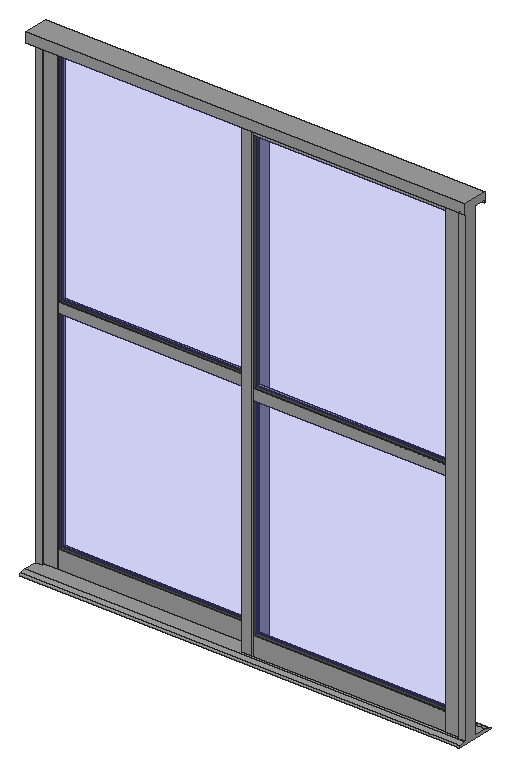
Revit family "MS-360-SID-Door-2 Panels-CP", category Doors, Revit 2015
Parameters
  Wing Width [instance] = 3' - 0"
  Width [instance] = Center Wing Width * 2 + Wing Width * 2  # 12' - 0"
  URL = "obe.com"
  Offset [instance] = 0' - 0"
  Model = "MS-360-SID-Door-2 Panels-CP"
  Min Wing Width [instance] = if(Wing Width > 3' 0", Wing Width, 3' 0")  # 3' - 0"
  Max Height [instance] = if(Height < 12' 0", Height, 12' 0")  # 7' - 0"
  Manufacturer = "Oldcastle BuildingEnvelope®"
  Keynote = "08 11 00"
  Height [instance] = 7' - 0"
  Description = "MS-360 - Multi-track Mall Slider - Single Direction"
  Center Wing Width [instance] = if(Wing Width > 3' 0", Wing Width, Min Wing Width)  # 3' - 0"
  Assembly Code = "B2030"
Reference planes (in)
  plane 1 "Front": y = 0
  plane 2: z = 0
  plane 3 "Center (Left/Right)": x = 0
  plane 4 "Left": x = -36
  plane 5 "Right": x = 36
  plane 6 "Top": z = 96
Text (in)
  text "Exterior" at (-54.29358, 31.38743, 0), in view "Ref. Level"
  text "Exterior" at (480, 41.53993, 89.60405), in view "Right"
  text "Exterior" at (-240, 57.82419, 105.78864), in view "Left"
Dimensions and locks (in)
  equal spacing: plane 4 "Left", plane 3 "Center (Left/Right)", plane 5 "Right"
  aligned and locked: level to plane 2
  aligned and locked: plane 3 "Center (Left/Right)" to nested 1
  aligned and locked: plane 1 "Front" to nested 1
  aligned and locked: nested 1 to level
Nested families (in)
  nested 1: "MS-360-SID-Door-2 Panels" at (0, 0, 0), Height <- "Height", Wing Width <- "Min Wing Width", Offset <- "Offset", type "MS-360-SID-Door-2 Panels"
    with Wing Width 3' - 0", built-in parameter 1001301 6' - 0", Offset 0' - 0", Min Wing Width 3' - 0", Max Height 7' - 0", built-in parameter 1001300 7' - 0"
Definition of nested family "MS-360-SID-Door-2 Panels"
  Parameters (values of type "MS-360-SID-Door-2 Panels")
    Wing Width [instance] = 3' - 0"
    Width [instance] = 2 * Min Wing Width  # 6' - 0"
    Pushbar Height = 3' - 5 1/4"  # constant formula
    Offset [instance] = 0' - 0"
    Min Wing Width [instance] = if(Wing Width > 3' 0", Wing Width, 3' 0")  # 3' - 0"
    Max Height [instance] = if(Height < 12' 0", Height, 12' 0")  # 7' - 0"
    Height [instance] = 7' - 0"
    Glass Material = none
    Gasket Material = none
    Frame Material = none
  Reference planes (in)
    plane 1 "Center (Front/Back)": y = 0
    plane 2: z = 0
    plane 3 "Center (Left/Right)": x = 0
    plane 4 "Offset": y = 0
    plane 5: x = -36
    plane 6: x = 36
    plane 7: z = 41.25
    plane 8: z = 84
    plane 9: z = 3.406
    plane 10: z = 40.781
    plane 11: z = 41.843
    plane 12: z = 81.969
  Forms (in)
    Sweep 1, solid, material <- "Frame Material"
      path origin (0, 0, 0) x (-1, 0, 0) y (0, 0, 1)
        loop
          line (-38.15601, 0) -> (38.15601, 0)
      profile origin (0, 0, 0) x (0, 0, 1) y (0, 1, 0)
        loop
          line (0.5, -1.26118) -> (0.5, 3.39618) -> (0.27143, 4.24923)
          arc (0.27143, 4.24923) -> (0.17106, 4.39943) -> (0, 4.4575) r 0.281
          line (0, 4.4575) -> (0, -2.3225)
          arc (0, -2.3225) -> (0.17106, -2.26443) -> (0.27143, -2.11423) r 0.281
          line (0.27143, -2.11423) -> (0.5, -1.26118)
    Sweep 2, solid, material <- "Frame Material"
      path origin (0, 0, 0) x (-1, 0, 0) y (0, 0, 1)
        loop
          line (-38.15601, 84) -> (38.15601, 84)
      profile origin (0, 0, 84) x (0, 0, 1) y (0, 1, 0)
        loop
          line (0, 3.2325) -> (-1.625, 3.2325) -> (-1.625, 3.1625) -> (-1.125, 3.1625) -> (-1.125, 1.1075) -> (-1.625, 1.1075) -> (-1.625, 1.0375) -> (-1.125, 1.0375) -> (-1.125, -1.0125) -> (-1.625, -1.0125) -> (-1.625, -1.0825) -> (0, -1.0825) -> (0, 3.2325)
    Sweep 3, solid, material <- "Frame Material"
      path origin (0, 0, 0) x (-1, 0, 0) y (0, 0, 1)
        loop
          line (-36, 84) -> (-36, 0)
      profile origin (36, 0, 42) x (0, 1, 0) y (-1, 0, 0)
        loop
          line (-1, -2.15601) -> (1, -2.15601) -> (1, -1.03101) -> (0.62504, -1.03101) -> (0.56805, -1.28101) -> (-0.56283, -1.28101) -> (-0.59789, -1.42164) -> (-0.8, -1.42164) -> (-0.8, -1.031) -> (-1, -1.031) -> (-1, -2.15601)
    Sweep 4, solid, material <- "Frame Material"
      path origin (0, 0, 0) x (-1, 0, 0) y (0, 0, 1)
        loop
          line (36, 84) -> (36, 0)
      profile origin (-36, 0, 42) x (0, 1, 0) y (-1, 0, 0)
        loop
          line (1.135, 2.15601) -> (1.135, 1.031) -> (1.335, 1.031) -> (1.335, 1.42164) -> (1.53711, 1.42164) -> (1.57217, 1.28101) -> (2.70305, 1.28101) -> (2.76004, 1.03101) -> (3.135, 1.03101) -> (3.135, 2.15601) -> (1.135, 2.15601)
    Sweep 5, solid, material <- "Frame Material"
      path origin (0, 0, 0) x (-1, 0, 0) y (0, 0, 1)
        loop
          line (-36, 82.8125) -> (-36, 0.5)
      profile origin (36, 0, 41.65625) x (0, 1, 0) y (-1, 0, 0)
        loop
          line (0.75, -0.90599) -> (0.75, 1.406) -> (0.695, 1.406) -> (0.695, 1.344) -> (0.125, 1.344) -> (0.125, 1) -> (-0.125, 1) -> (-0.125, 1.344) -> (-0.69501, 1.344) -> (-0.69501, 1.406) -> (-0.75, 1.406) -> (-0.75, -1.40603) -> (-0.62517, -1.40603) -> (-0.56744, -1.15599) -> (0.56296, -1.15599) -> (0.62502, -0.90599) -> (0.75, -0.90599)
    Sweep 6, solid, material <- "Frame Material"
      path origin (0, 0, 0) x (-1, 0, 0) y (0, 0, 1)
        loop
          line (36, 82.8125) -> (36, 0.6875)
      profile origin (-36, 0, 41.75) x (0, 1, 0) y (-1, 0, 0)
        loop
          line (2.885, 0.90599) -> (2.76002, 0.90599) -> (2.69796, 1.15599) -> (1.56756, 1.15599) -> (1.50983, 1.40603) -> (1.385, 1.40603) -> (1.385, -1.406) -> (1.43999, -1.406) -> (1.43999, -1.344) -> (2.01, -1.344) -> (2.01, -1) -> (2.26, -1) -> (2.26, -1.344) -> (2.83, -1.344) -> (2.83, -1.406) -> (2.885, -1.406) -> (2.885, 0.90599)
    Sweep 7, solid, material <- "Frame Material"
      path origin (0, 0, 0) x (-1, 0, 0) y (0, 0, 1)
        loop
          line (0, 82.8125) -> (0, 0.6875)
      profile origin (0, 0, 41.75) x (0, 1, 0) y (-1, 0, 0)
        loop
          line (2.885, 0.968) -> (2.83, 0.968) -> (2.83, 0.906) -> (2.26, 0.906) -> (2.26, 0.562) -> (2.01, 0.562) -> (2.01, 0.906) -> (1.44, 0.906) -> (1.44, 0.968) -> (1.385, 0.968) -> (1.385, -0.15695) -> (1.11786, -0.15695) -> (1.01714, 0.21895) -> (0.885, 0.21895) -> (0.885, -0.844) -> (2.885, -0.844) -> (2.885, 0.968)
    Sweep 8, solid, material <- "Frame Material"
      path origin (0, 0, 0) x (-1, 0, 0) y (0, 0, 1)
        loop
          line (0, 82.8125) -> (0, 0.5)
      profile origin (0, 0, 41.65625) x (0, 1, 0) y (-1, 0, 0)
        loop
          line (1.25, 0.906) -> (-0.75, 0.906) -> (-0.75, -0.906) -> (-0.695, -0.906) -> (-0.695, -0.844) -> (-0.125, -0.844) -> (-0.125, -0.5) -> (0.125, -0.5) -> (0.125, -0.844) -> (0.695, -0.844) -> (0.695, -0.906) -> (0.75, -0.906) -> (0.75, 0.21895) -> (1.04289, 0.21895) -> (1.13578, -0.12772) -> (1.25, -0.12772) -> (1.25, 0.906)
    Sweep 9, solid, material <- "Frame Material"
      path origin (0, 0, 0) x (-1, 0, 0) y (0, 0, 1)
        loop
          line (-37.15599, 84) -> (0.906, 84)
      profile origin (18.125, 0, 84) x (0, 0, 1) y (0, 1, 0)
        loop
          line (-2.437, -0.125) -> (-2.437, -0.695) -> (-1.625, -0.695) -> (-1.625, -0.9175) -> (-1.125, -0.9175) -> (-1.125, 0.9175) -> (-1.625, 0.9175) -> (-1.625, 0.695) -> (-2.437, 0.695) -> (-2.437, 0.125) -> (-2.031, 0.125) -> (-2.031, -0.125) -> (-2.437, -0.125)
    Sweep 10, solid, material <- "Frame Material"
      path origin (0, 0, 0) x (-1, 0, 0) y (0, 0, 1)
        loop
          line (-0.844, 84) -> (37.15599, 84)
      profile origin (-18.156, 0, 84) x (0, 0, 1) y (0, 1, 0)
        loop
          line (-2.437, 2.01) -> (-2.437, 1.44) -> (-1.625, 1.44) -> (-1.625, 1.2175) -> (-1.125, 1.2175) -> (-1.125, 3.0525) -> (-1.625, 3.0525) -> (-1.625, 2.83) -> (-2.437, 2.83) -> (-2.437, 2.26) -> (-2.031, 2.26) -> (-2.031, 2.01) -> (-2.437, 2.01)
    Sweep 11, solid, material <- "Frame Material"
      path origin (0, 0, 0) x (-1, 0, 0) y (0, 0, 1)
        loop
          line (-37.15599, 0) -> (0.906, 0)
      profile origin (18.125, 0, 0) x (0, 0, 1) y (0, 1, 0)
        loop
          line (0.5, -0.6875) -> (3.688, -0.6875) -> (3.688, -0.125) -> (3.406, -0.125) -> (3.406, 0.125) -> (3.688, 0.125) -> (3.688, 0.6875) -> (0.5, 0.6875) -> (0.5, -0.6875)
    Sweep 12, solid, material <- "Frame Material"
      path origin (0, 0, 0) x (-1, 0, 0) y (0, 0, 1)
        loop
          line (0, 0) -> (36, 0)
      profile origin (-18, 0, 0) x (0, 0, 1) y (0, 1, 0)
        loop
          line (0.688, 1.4475) -> (3.688, 1.4475) -> (3.688, 2.01) -> (3.406, 2.01) -> (3.406, 2.26) -> (3.688, 2.26) -> (3.688, 2.8225) -> (0.688, 2.8225) -> (0.688, 1.4475)
    Sweep 13, solid, material <- "Frame Material"
      path origin (0, 0, 0) x (-1, 0, 0) y (0, 0, 1)
        loop
          line (-34.656, 41.25) -> (-0.844, 41.25)
      profile origin (17.75, 0, 41.25) x (0, 0, 1) y (0, 1, 0)
        loop
          line (0.875, -0.6875) -> (0.875, -0.125) -> (0.593, -0.125) -> (0.593, 0.125) -> (0.875, 0.125) -> (0.875, 0.6875) -> (-0.875, 0.6875) -> (-0.875, 0.125) -> (-0.469, 0.125) -> (-0.469, -0.125) -> (-0.875, -0.125) -> (-0.875, -0.6875) -> (0.875, -0.6875)
    Sweep 14, solid, material <- "Frame Material"
      path origin (0, 0, 0) x (-1, 0, 0) y (0, 0, 1)
        loop
          line (0.906, 41.25) -> (34.656, 41.25)
      profile origin (-17.781, 0, 41.25) x (0, 0, 1) y (0, 1, 0)
        loop
          line (0.875, 1.4475) -> (0.875, 2.01) -> (0.593, 2.01) -> (0.593, 2.26) -> (0.875, 2.26) -> (0.875, 2.8225) -> (-0.875, 2.8225) -> (-0.875, 2.26) -> (-0.469, 2.26) -> (-0.469, 2.01) -> (-0.875, 2.01) -> (-0.875, 1.4475) -> (0.875, 1.4475)
    Extrusion 15, solid, material <- "Glass Material"
      sketch origin (0, 0, 0) x (1, 0, 0) y (0, 1, 0)
        loop
          line (-35, 2.26) -> (-35, 2.01) -> (-0.562, 2.01) -> (-0.562, 2.26) -> (-35, 2.26)
      from 3.406 to 40.781
    Extrusion 16, solid, material <- "Glass Material"
      sketch origin (0, 0, 0) x (1, 0, 0) y (0, 1, 0)
        loop
          line (0.5, 0.125) -> (0.5, -0.125) -> (35, -0.125) -> (35, 0.125) -> (0.5, 0.125)
      from 3.406 to 40.781
    Extrusion 17, solid, material <- "Glass Material"
      sketch origin (0, 0, 0) x (1, 0, 0) y (0, 1, 0)
        loop
          line (0.5, -0.125) -> (35, -0.125) -> (35, 0.125) -> (0.5, 0.125) -> (0.5, -0.125)
      from 41.843 to 81.969
    Extrusion 18, solid, material <- "Glass Material"
      sketch origin (0, 0, 0) x (1, 0, 0) y (0, 1, 0)
        loop
          line (-0.562, 2.26) -> (-35, 2.26) -> (-35, 2.01) -> (-0.562, 2.01) -> (-0.562, 2.26)
      from 41.843 to 81.969
    Sweep 19, solid, material <- "Gasket Material"
      path origin (0, 0, 0) x (-1, 0, 0) y (0, 0, 1)
        loop
          line (0.5, 81.969) -> (0.5, 41.71875) -> (35.0625, 41.71875) -> (35.0625, 81.969) -> (0.5, 81.969)
      profile origin (-17.78125, 0, 81.969) x (0, 0, 1) y (0, 1, 0)
        loop
          line (-0.406, 2.01) -> (-0.54798, 2.01) -> (-0.406, 1.6915) -> (-0.406, 2.01)
        loop
          line (-0.406, 2.26) -> (-0.406, 2.5785) -> (-0.54798, 2.26) -> (-0.406, 2.26)
    Sweep 20, solid, material <- "Gasket Material"
      path origin (34.5, 0, 0) x (-1, 0, 0) y (0, 0, 1)
        loop
          line (-0.5625, 81.969) -> (-0.5625, 41.71875) -> (34, 41.71875) -> (34, 81.969) -> (-0.5625, 81.969)
      profile origin (17.78125, 0, 81.969) x (0, 0, 1) y (0, 1, 0)
        loop
          line (-0.406, -0.125) -> (-0.54798, -0.125) -> (-0.406, -0.4435) -> (-0.406, -0.125)
        loop
          line (-0.406, 0.125) -> (-0.406, 0.4435) -> (-0.54798, 0.125) -> (-0.406, 0.125)
    Sweep 21, solid, material <- "Gasket Material"
      path origin (34.5, 0, -46) x (-1, 0, 0) y (0, 0, 1)
        loop
          line (-1.03125, 87.25) -> (-1.03125, 48.8125) -> (34.53125, 48.8125) -> (34.53125, 87.25) -> (-1.03125, 87.25)
      profile origin (17.75, 0, 41.25) x (0, 0, 1) y (0, 1, 0)
        loop
          line (-0.875, -0.125) -> (-1.01698, -0.125) -> (-0.875, -0.4435) -> (-0.875, -0.125)
        loop
          line (-0.875, 0.125) -> (-0.875, 0.4435) -> (-1.01698, 0.125) -> (-0.875, 0.125)
    Sweep 22, solid, material <- "Gasket Material"
      path origin (1.5, 0, -46) x (-1, 0, 0) y (0, 0, 1)
        loop
          line (1.53125, 87.25) -> (1.53125, 48.8125) -> (37.03125, 48.8125) -> (37.03125, 87.25) -> (1.53125, 87.25)
      profile origin (-17.78125, 0, 41.25) x (0, 0, 1) y (0, 1, 0)
        loop
          line (-0.875, 2.01) -> (-1.01698, 2.01) -> (-0.875, 1.6915) -> (-0.875, 2.01)
        loop
          line (-0.875, 2.26) -> (-0.875, 2.5785) -> (-1.01698, 2.26) -> (-0.875, 2.26)
  Cuts and joins
    joined: Sweep 1, Sweep 2, Sweep 3, Sweep 4
    joined: Sweep 6, Sweep 7, Sweep 10, Sweep 12, Sweep 14
    joined: Sweep 5, Sweep 8, Sweep 9, Sweep 11, Sweep 13
  Dimensions and locks (in)
    "Offset": plane 4 "Offset" to plane 1 "Center (Front/Back)"
    "Min Wing Width": plane 5 to plane 3 "Center (Left/Right)"
    "Min Wing Width": plane 3 "Center (Left/Right)" to plane 6
    equal spacing: plane 5, plane 3 "Center (Left/Right)", plane 6
    "Pushbar Height": plane 7 to level
    "Max Height": plane 8 to level
    locked: plane 5 to Sweep 1 sketch curve at 2.15601
    locked: plane 6 to Sweep 1 sketch curve at 2.15601
    locked: plane 6 to Sweep 2 sketch curve at 2.15601
    locked: plane 5 to Sweep 2 sketch curve at 2.15601
    locked: Sweep 5 sketch curve to plane 8 at 1.1875
    locked: Sweep 6 sketch curve to plane 8 at 1.1875
    locked: level to Sweep 6 sketch curve at 0.6875
    locked: Sweep 7 sketch curve to plane 8 at 1.1875
    locked: level to Sweep 7 sketch curve at 0.6875
    locked: level to Sweep 8 sketch curve at 0.5
    locked: Sweep 8 sketch curve to plane 8 at 1.1875
    locked: plane 6 to Sweep 9 sketch curve at 1.15599
    locked: plane 3 "Center (Left/Right)" to Sweep 9 sketch curve at 0.906
    locked: plane 5 to Sweep 10 sketch curve at 1.15599
    locked: Sweep 10 sketch curve to plane 3 "Center (Left/Right)" at 0.844
    locked: plane 3 "Center (Left/Right)" to Sweep 11 sketch curve at 0.906
    locked: plane 6 to Sweep 11 sketch curve at 1.15599
    locked: Sweep 13 sketch curve to plane 3 "Center (Left/Right)" at 0.844
    locked: Sweep 13 sketch curve to plane 6 at 1.344
    locked: plane 3 "Center (Left/Right)" to Sweep 14 sketch curve at 0.906
    locked: Sweep 14 sketch curve to plane 5 at 1.344
    Extrusion 15 sketch curve to Extrusion 15 sketch curve to plane 4 "Offset" = 0' - 0 1/4" locked, 0' - 2.01" locked
    locked: plane 5 to Extrusion 15 sketch curve at 1
    locked: Extrusion 15 sketch curve to plane 3 "Center (Left/Right)" at 0.562
    locked: plane 9 to level at 3.406
    plane 11 to plane 7 to plane 10 = 0' - 0.593" locked, 0' - 0.469" locked
    locked: plane 8 to plane 12 at 2.031
    locked: Extrusion 16 sketch curve to plane 6 at 1
    locked: plane 3 "Center (Left/Right)" to Extrusion 16 sketch curve at 0.5
    Extrusion 16 sketch curve to plane 4 "Offset" to Extrusion 16 sketch curve = 0' - 0 1/8" locked, 0' - 0 1/8" locked
    locked: Extrusion 17 sketch curve to plane 6 at 1
    locked: plane 3 "Center (Left/Right)" to Extrusion 17 sketch curve at 0.5
    Extrusion 17 sketch curve to plane 4 "Offset" to Extrusion 17 sketch curve = 0' - 0 1/8" locked, 0' - 0 1/8" locked
    locked: Extrusion 18 sketch curve to plane 3 "Center (Left/Right)" at 0.562
    locked: plane 5 to Extrusion 18 sketch curve at 1
    Extrusion 18 sketch curve to Extrusion 18 sketch curve to plane 4 "Offset" = 0' - 0 1/4" locked, 0' - 2.01" locked
    locked: plane 7 to Sweep 19 sketch curve at 0.46875
    locked: plane 3 "Center (Left/Right)" to Sweep 19 sketch curve at 0.5
    locked: Sweep 19 sketch curve to plane 5 at 0.9375
    locked: plane 7 to Sweep 20 sketch curve at 0.46875
    locked: level to Sweep 21 sketch curve at 2.8125
    locked: Sweep 21 sketch curve to plane 6 at 0.46875
    locked: plane 3 "Center (Left/Right)" to Sweep 21 sketch curve at 0.03125
    locked: level to Sweep 22 sketch curve at 2.8125
    locked: plane 3 "Center (Left/Right)" to Sweep 22 sketch curve at 0.03125
    locked: Sweep 22 sketch curve to plane 5 at 0.46875
    aligned and locked: plane 2 to level
    aligned and locked: Sweep 1 sketch curve to level
    aligned and locked: Sweep 2 sketch curve to plane 8
    aligned and locked: Sweep 3 sketch curve to plane 6
    aligned and locked: level to Sweep 3 sketch curve
    aligned and locked: plane 8 to Sweep 3 sketch curve
    aligned and locked: plane 5 to Sweep 4 sketch curve
    aligned and locked: plane 8 to Sweep 4 sketch curve
    aligned and locked: level to Sweep 4 sketch curve
    aligned and locked: Sweep 5 sketch curve to plane 6
    aligned and locked: plane 5 to Sweep 6 sketch curve
    aligned and locked: plane 3 "Center (Left/Right)" to Sweep 7 sketch curve
    aligned and locked: plane 3 "Center (Left/Right)" to Sweep 8 sketch curve
    aligned and locked: Sweep 9 sketch curve to plane 8
    aligned and locked: Sweep 10 sketch curve to plane 8
    aligned and locked: Sweep 11 sketch curve to level
    aligned and locked: Sweep 12 sketch curve to level
    aligned and locked: Sweep 13 sketch curve to plane 7
    aligned and locked: Sweep 14 sketch curve to plane 7
    aligned and locked: plane 9 to Extrusion 15
    aligned and locked: Extrusion 15 to plane 10
    aligned and locked: plane 9 to Extrusion 16
    aligned and locked: Extrusion 16 to plane 10
    aligned and locked: plane 11 to Extrusion 17
    aligned and locked: Extrusion 17 to plane 12
    aligned and locked: plane 11 to Extrusion 18
    aligned and locked: Extrusion 18 to plane 12
    aligned and locked: plane 12 to Sweep 19 sketch curve
    aligned and locked: plane 12 to Sweep 20 sketch curve
    aligned and locked: Sweep 21 sketch curve to plane 7
    aligned and locked: Sweep 22 sketch curve to plane 7
  Automatic sketch dimensions
    profile plane to Sweep 1 sketch curve = 0' - 0"
    Sweep 1 sketch curve to profile plane = 0' - 0.27143"  (x2)
    Sweep 1 sketch curve to profile plane = 0' - 0 1/2"
    Sweep 1 sketch curve to plane 4 "Offset" = 0' - 2.3225"
    Sweep 1 sketch curve to Sweep 1 sketch curve = 0' - 0.20827"
    Sweep 1 sketch curve to Sweep 1 sketch curve = 0' - 0.85305"
    plane 4 "Offset" to Sweep 1 sketch curve = 0' - 3.39618"
    Sweep 1 sketch curve to Sweep 1 sketch curve = 0' - 0.78032"
    Sweep 1 sketch curve to Sweep 1 sketch curve = 0' - 0.07273"
    profile plane to Sweep 2 sketch curve = 0' - 0"
    profile plane to Sweep 2 sketch curve = 0' - 1 1/8"  (x2)
    Sweep 2 sketch curve to Sweep 2 sketch curve = 0' - 0 1/2"  (x3)
    Sweep 2 sketch curve to plane 4 "Offset" = 0' - 1.0825"
    Sweep 2 sketch curve to Sweep 2 sketch curve = 0' - 0.07"  (x3)
    plane 4 "Offset" to Sweep 2 sketch curve = 0' - 1.0375"
    Sweep 2 sketch curve to Sweep 2 sketch curve = 0' - 2.055"
    Sweep 3 sketch curve to plane 4 "Offset" = 0' - 1"
    Sweep 3 sketch curve to Sweep 3 sketch curve = 0' - 0.2"
    Sweep 3 sketch curve to Sweep 3 sketch curve = 0' - 0.20211"
    Sweep 3 sketch curve to Sweep 3 sketch curve = 0' - 0.03506"
    plane 4 "Offset" to Sweep 3 sketch curve = 0' - 0.56805"
    Sweep 3 sketch curve to Sweep 3 sketch curve = 0' - 0.05698"
    Sweep 3 sketch curve to Sweep 3 sketch curve = 0' - 0.43195"
    profile plane to Sweep 3 sketch curve = 0' - 2.15601"
    Sweep 3 sketch curve to Sweep 3 sketch curve = 0' - 0 47/64"
    Sweep 3 sketch curve to Sweep 3 sketch curve = 0' - 0 9/64"
    Sweep 3 sketch curve to Sweep 3 sketch curve = 0' - 0 1/4"
    Sweep 3 sketch curve to Sweep 3 sketch curve = 0' - 0 25/64"
    plane 4 "Offset" to Sweep 4 sketch curve = 0' - 1.135"
    Sweep 4 sketch curve to Sweep 4 sketch curve = 0' - 0.2"
    Sweep 4 sketch curve to Sweep 4 sketch curve = 0' - 0.20211"
    Sweep 4 sketch curve to Sweep 4 sketch curve = 0' - 0.03506"
    Sweep 4 sketch curve to Sweep 4 sketch curve = 0' - 1.13088"
    Sweep 4 sketch curve to profile plane = 0' - 1.03101"
    Sweep 4 sketch curve to Sweep 4 sketch curve = 0' - 0.05698"
    Sweep 4 sketch curve to Sweep 4 sketch curve = 0' - 0.43195"
    Sweep 4 sketch curve to profile plane = 0' - 1.031"
    Sweep 4 sketch curve to Sweep 4 sketch curve = 0' - 0 1/4"
    Sweep 4 sketch curve to Sweep 4 sketch curve = 0' - 0 9/64"
    Sweep 4 sketch curve to Sweep 4 sketch curve = 0' - 0 7/8"
    level to Sweep 5 sketch curve = 0' - 0 1/2"
    Sweep 5 sketch curve to plane 4 "Offset" = 0' - 0 3/4"
    Sweep 5 sketch curve to Sweep 5 sketch curve = 0' - 0.05499"
    Sweep 5 sketch curve to Sweep 5 sketch curve = 0' - 0.12484"
    Sweep 5 sketch curve to Sweep 5 sketch curve = 0' - 0.05773"
    Sweep 5 sketch curve to plane 4 "Offset" = 0' - 0 1/8"
    plane 4 "Offset" to Sweep 5 sketch curve = 0' - 0 1/8"
    plane 4 "Offset" to Sweep 5 sketch curve = 0' - 0.56296"
    Sweep 5 sketch curve to Sweep 5 sketch curve = 0' - 0.06207"
    Sweep 5 sketch curve to Sweep 5 sketch curve = 0' - 0.57"
    Sweep 5 sketch curve to Sweep 5 sketch curve = 0' - 0.12498"
    profile plane to Sweep 5 sketch curve = 0' - 1.40603"
    Sweep 5 sketch curve to Sweep 5 sketch curve = 0' - 0.25004"
    Sweep 5 sketch curve to Sweep 5 sketch curve = 0' - 0 1/4"
    Sweep 5 sketch curve to profile plane = 0' - 1"
    Sweep 5 sketch curve to Sweep 5 sketch curve = 0' - 0.344"  (x2)
    Sweep 5 sketch curve to Sweep 5 sketch curve = 0' - 0.062"  (x2)
    plane 4 "Offset" to Sweep 6 sketch curve = 0' - 1.385"
    Sweep 6 sketch curve to Sweep 6 sketch curve = 0' - 0.05499"
    Sweep 6 sketch curve to Sweep 6 sketch curve = 0' - 0.12484"
    Sweep 6 sketch curve to Sweep 6 sketch curve = 0' - 0.05773"
    Sweep 6 sketch curve to Sweep 6 sketch curve = 0' - 0.57001"
    Sweep 6 sketch curve to Sweep 6 sketch curve = 0' - 0 1/4"  (x2)
    Sweep 6 sketch curve to Sweep 6 sketch curve = 0' - 1.1304"
    Sweep 6 sketch curve to profile plane = 0' - 0.90599"
    Sweep 6 sketch curve to Sweep 6 sketch curve = 0' - 0.06207"
    Sweep 6 sketch curve to Sweep 6 sketch curve = 0' - 0.57"
    Sweep 6 sketch curve to Sweep 6 sketch curve = 0' - 0.12498"
    profile plane to Sweep 6 sketch curve = 0' - 1"
    Sweep 6 sketch curve to Sweep 6 sketch curve = 0' - 0.344"
    Sweep 6 sketch curve to Sweep 6 sketch curve = 0' - 0"
    Sweep 6 sketch curve to Sweep 6 sketch curve = 0' - 0.062"  (x2)
    Sweep 6 sketch curve to Sweep 6 sketch curve = 0' - 0.25004"
    plane 4 "Offset" to Sweep 7 sketch curve = 0' - 0.885"
    Sweep 7 sketch curve to profile plane = 0' - 0.21895"
    Sweep 7 sketch curve to Sweep 7 sketch curve = 0' - 0.13214"
    profile plane to Sweep 7 sketch curve = 0' - 0.15695"
    Sweep 7 sketch curve to Sweep 7 sketch curve = 0' - 0.10072"
    Sweep 7 sketch curve to Sweep 7 sketch curve = 0' - 0.36786"
    Sweep 7 sketch curve to Sweep 7 sketch curve = 0' - 0.055"
    Sweep 7 sketch curve to Sweep 7 sketch curve = 0' - 0.57"  (x2)
    Sweep 7 sketch curve to Sweep 7 sketch curve = 0' - 0 1/4"
    Sweep 7 sketch curve to Sweep 7 sketch curve = 0' - 0 5/8"
    Sweep 7 sketch curve to Sweep 7 sketch curve = 0' - 0.68705"
    Sweep 7 sketch curve to profile plane = 0' - 0.562"
    Sweep 7 sketch curve to Sweep 7 sketch curve = 0' - 0.344"  (x2)
    Sweep 7 sketch curve to Sweep 7 sketch curve = 0' - 0.062"  (x2)
    Sweep 8 sketch curve to plane 4 "Offset" = 0' - 0 3/4"
    Sweep 8 sketch curve to Sweep 8 sketch curve = 0' - 0.055"  (x2)
    Sweep 8 sketch curve to plane 4 "Offset" = 0' - 0 1/8"
    plane 4 "Offset" to Sweep 8 sketch curve = 0' - 0 1/8"
    Sweep 8 sketch curve to Sweep 8 sketch curve = 0' - 0.57"
    Sweep 8 sketch curve to profile plane = 0' - 0.21895"
    Sweep 8 sketch curve to Sweep 8 sketch curve = 0' - 0.29289"
    profile plane to Sweep 8 sketch curve = 0' - 0.12772"
    Sweep 8 sketch curve to Sweep 8 sketch curve = 0' - 0.09289"
    Sweep 8 sketch curve to Sweep 8 sketch curve = 0' - 0.11422"
    profile plane to Sweep 8 sketch curve = 0' - 0 1/2"
    Sweep 8 sketch curve to Sweep 8 sketch curve = 0' - 0.344"
    Sweep 8 sketch curve to Sweep 8 sketch curve = 0' - 0"
    Sweep 8 sketch curve to Sweep 8 sketch curve = 0' - 0.062"  (x2)
    Sweep 8 sketch curve to Sweep 8 sketch curve = 0' - 0.68705"
    Sweep 9 sketch curve to plane 4 "Offset" = 0' - 0 1/8"
    profile plane to Sweep 9 sketch curve = 0' - 2.437"
    Sweep 9 sketch curve to Sweep 9 sketch curve = 0' - 0"
    Sweep 9 sketch curve to Sweep 9 sketch curve = 0' - 0.406"  (x3)
    Sweep 9 sketch curve to Sweep 9 sketch curve = 0' - 0 1/2"
    Sweep 9 sketch curve to Sweep 9 sketch curve = 0' - 0.57"  (x2)
    Sweep 9 sketch curve to Sweep 9 sketch curve = 0' - 0.2225"  (x2)
    plane 4 "Offset" to Sweep 9 sketch curve = 0' - 0 1/8"
    profile plane to Sweep 10 sketch curve = 0' - 2.437"
    Sweep 10 sketch curve to Sweep 10 sketch curve = 0' - 0"
    Sweep 10 sketch curve to Sweep 10 sketch curve = 0' - 0.406"  (x3)
    Sweep 10 sketch curve to Sweep 10 sketch curve = 0' - 0 1/2"
    plane 4 "Offset" to Sweep 10 sketch curve = 0' - 1.2175"
    Sweep 10 sketch curve to Sweep 10 sketch curve = 0' - 0.2225"  (x2)
    Sweep 10 sketch curve to Sweep 10 sketch curve = 0' - 0.57"  (x2)
    Sweep 10 sketch curve to Sweep 10 sketch curve = 0' - 0 1/4"
    Sweep 11 sketch curve to profile plane = 0' - 0 1/2"
    plane 4 "Offset" to Sweep 11 sketch curve = 0' - 0 1/8"
    Sweep 11 sketch curve to Sweep 11 sketch curve = 0' - 2.906"
    Sweep 11 sketch curve to Sweep 11 sketch curve = 0' - 0.282"  (x2)
    Sweep 11 sketch curve to plane 4 "Offset" = 0' - 0 1/8"
    Sweep 11 sketch curve to plane 4 "Offset" = 0' - 0 11/16"
    Sweep 11 sketch curve to Sweep 11 sketch curve = 0' - 0 9/16"
    Sweep 12 sketch curve to plane 3 "Center (Left/Right)" = 0' - 0"
    Sweep 12 sketch curve to plane 5 = 0' - 0"
    Sweep 12 sketch curve to profile plane = 0' - 0.688"
    Sweep 12 sketch curve to Sweep 12 sketch curve = 0' - 2.718"
    Sweep 12 sketch curve to Sweep 12 sketch curve = 0' - 0.282"  (x2)
    plane 4 "Offset" to Sweep 12 sketch curve = 0' - 1.4475"
    Sweep 12 sketch curve to Sweep 12 sketch curve = 0' - 0 9/16"  (x2)
    Sweep 12 sketch curve to Sweep 12 sketch curve = 0' - 0 1/4"
    Sweep 13 sketch curve to plane 4 "Offset" = 0' - 0 1/8"  (x2)
    profile plane to Sweep 13 sketch curve = 0' - 0 7/8"
    plane 4 "Offset" to Sweep 13 sketch curve = 0' - 0 1/8"  (x2)
    Sweep 13 sketch curve to Sweep 13 sketch curve = 0' - 0"  (x2)
    Sweep 13 sketch curve to Sweep 13 sketch curve = 0' - 0.406"
    Sweep 13 sketch curve to profile plane = 0' - 0.593"
    Sweep 13 sketch curve to Sweep 13 sketch curve = 0' - 0.282"
    Sweep 13 sketch curve to Sweep 13 sketch curve = 0' - 0 9/16"  (x2)
    profile plane to Sweep 14 sketch curve = 0' - 0 7/8"
    Sweep 14 sketch curve to Sweep 14 sketch curve = 0' - 0"  (x2)
    Sweep 14 sketch curve to Sweep 14 sketch curve = 0' - 0.406"
    Sweep 14 sketch curve to profile plane = 0' - 0.593"
    Sweep 14 sketch curve to Sweep 14 sketch curve = 0' - 0.282"
    plane 4 "Offset" to Sweep 14 sketch curve = 0' - 1.4475"
    Sweep 14 sketch curve to Sweep 14 sketch curve = 0' - 0 9/16"  (x3)
    Sweep 14 sketch curve to Sweep 14 sketch curve = 0' - 0 1/4"  (x2)
    profile plane to Sweep 19 sketch curve = 0' - 0.54798"
    Sweep 19 sketch curve to Sweep 19 sketch curve = 0' - 0"
    Sweep 19 sketch curve to Sweep 19 sketch curve = 0' - 0.14198"  (x2)
    plane 4 "Offset" to Sweep 19 sketch curve = 0' - 1.6915"
    Sweep 19 sketch curve to Sweep 19 sketch curve = 0' - 0.3185"  (x2)
    Sweep 19 sketch curve to Sweep 19 sketch curve = 0' - 0 1/4"
    plane 6 to Sweep 20 sketch curve = 0' - 0 15/16"
    plane 3 "Center (Left/Right)" to Sweep 20 sketch curve = 0' - 0 1/2"
    plane 4 "Offset" to Sweep 20 sketch curve = 0' - 0 1/8"
    profile plane to Sweep 20 sketch curve = 0' - 0.54798"
    Sweep 20 sketch curve to plane 4 "Offset" = 0' - 0 1/8"
    Sweep 20 sketch curve to Sweep 20 sketch curve = 0' - 0"
    Sweep 20 sketch curve to Sweep 20 sketch curve = 0' - 0.14198"  (x2)
    Sweep 20 sketch curve to Sweep 20 sketch curve = 0' - 0.3185"  (x2)
    plane 4 "Offset" to Sweep 21 sketch curve = 0' - 0 1/8"
    profile plane to Sweep 21 sketch curve = 0' - 1.01698"
    Sweep 21 sketch curve to plane 4 "Offset" = 0' - 0 1/8"
    Sweep 21 sketch curve to Sweep 21 sketch curve = 0' - 0"
    Sweep 21 sketch curve to Sweep 21 sketch curve = 0' - 0.14198"  (x2)
    Sweep 21 sketch curve to Sweep 21 sketch curve = 0' - 0.3185"  (x2)
    plane 4 "Offset" to Sweep 22 sketch curve = 0' - 2.26"
    profile plane to Sweep 22 sketch curve = 0' - 1.01698"
    plane 4 "Offset" to Sweep 22 sketch curve = 0' - 2.01"
    Sweep 22 sketch curve to Sweep 22 sketch curve = 0' - 0"
    Sweep 22 sketch curve to Sweep 22 sketch curve = 0' - 0.14198"  (x2)
    Sweep 22 sketch curve to Sweep 22 sketch curve = 0' - 0.3185"  (x2)
